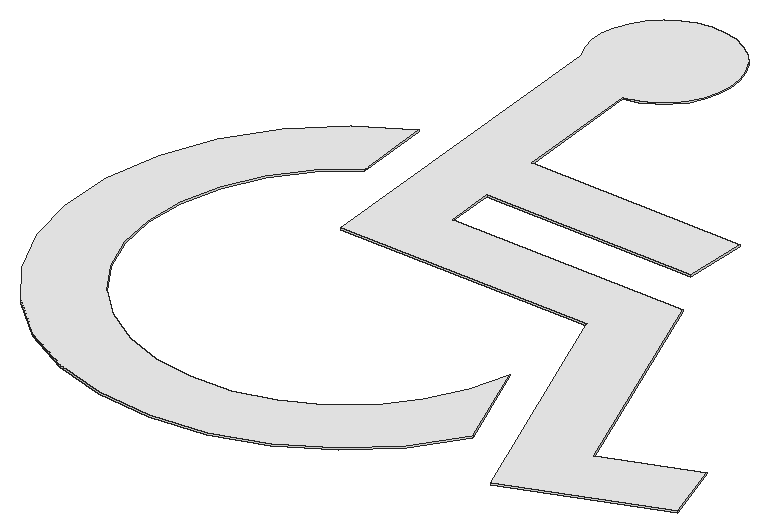
Revit family
Reference planes
  plane 1 "중심(앞/뒤)": y = 0
  plane 2: z = 0
  plane 3 "중심(왼쪽/오른쪽)": x = 0
Forms (mm)
  Extrusion 1, solid, material "페인트 - 흰색"
    sketch origin (0, 0, 0) x (1, 0, 0) y (0, 1, 0)
      loop
        arc (16.539, 256.733) -> (33.408, 381.774) -> (-51.198, 288.17) r 66.045
        line (-51.198, 288.17) -> (-25.877, -44.022) -> (221, -44.022) -> (320.7, -289.21) -> (463.129, -232.263) -> (441.965, -170.56) -> (356.655, -204.669) -> (264.839, 21.129) -> (34.497, 21.129) -> (30.902, 68.291) -> (235.243, 68.291) -> (235.243, 129.983) -> (26.2, 129.983) -> (16.539, 256.733)
      loop
        line (-69.652, 40.392) -> (-75.437, 116.279)
        arc (-75.437, 116.279) -> (-148.737, -292.028) -> (262.753, -239.464) r 257.27
        line (262.753, -239.464) -> (224.079, -144.353)
        arc (224.079, -144.353) -> (-62.738, -274.492) -> (-69.652, 40.392) r 188.69
    from 0 to 1.587
